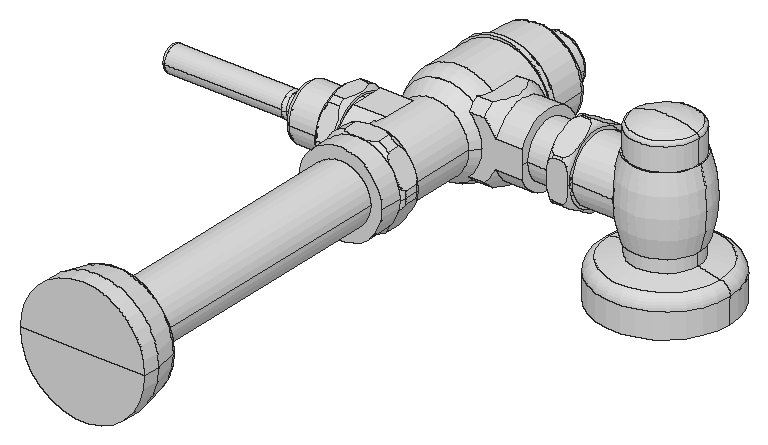
Revit family "Plumbing-Flushometer-Sloan-Valve-NAVAL-111_", category Plumbing Fixtures, host Face, Revit 2019
Family settings
  Host = Face
  Round Connector Dimension = Use Diameter
  Part Type = Normal
  OmniClass Number = 23.45.05.14.99
  OmniClass Title = Other Sanitary Washing Plumbing Fixtures
  Cut with Voids When Loaded = No
  Shared = No
  Room Calculation Point = No
Parameters (values of type "NAVAL 111-1.6")
  Water Inlet Connection Diameter = 1"  # constant formula
  Water Inlet Connection Description = "Water Inlet Connection"  # constant formula
  Waste Connection = no
  WFU = 0
  Vent Connection = no
  Valve Pressure Drop = 0.00 psi
  URL = "www.sloanvalve.com"
  Product data url = "https://bimobject.com/sloan_valve/product/flushometers_naval-111"
  Product Material = Sloan Valve - Finish - Polished Chrome
  Product Guid = ""
  Part Number = "3140011"
  Operating Water Pressure = "15 – 80 PSI (103 – 552 kPa)"  # constant formula
  Model = "NAVAL 111-1.6"
  Manufacturer = "Sloan Valve"  # constant formula
  Keynote = "15410"
  Height = 14 3/8"  # constant formula
  HWFU = 0
  HW Connection = no
  Flush Rate = "1.6 gpf (6.0 Lpf)"
  Edition number = 1
  Description = "1.6 gpf, Polished Chrome Finish, Fixture Connection Top Spud, Single Flush, Naval Exposed Manual Water Closet Flushometer."
  Default Elevation = 0"
  Centerline of Supply to Centerline of Valve = 4 3/4"  # constant formula
  Centerline of Supply from Top of Fixture = 11 1/2"  # constant formula
  CWFU = 0
  CW Connection = yes
  Assembly Code = "D2020300"
Types (6): name | Part Number | Model | Description
  NAVAL 111-1.6 | "3140011" | "NAVAL 111-1.6" | "1.6 gpf, Polished Chrome Finish, Fixture Connection Top Spud, Single Flush, Naval Exposed Manual Water Closet Flushometer."
  NAVAL 111-1.6-GJ-XYV | "3140030" | "NAVAL 111-1.6-GJ-XYV" | "1.6 gpf, Polished Chrome Finish, Fixture Connection Top Spud, Single Flush, Ground Joint Control Stop, Less Vacuum Breaker, Naval Exposed Manual Water Closet Flushometer."
  NAVAL 111-1.6 - Shower piston assembly | "3148000" | "NAVAL 111-1.6" | "1.6 gpf, Polished Chrome Finish, Fixture Connection Top Spud, Single Flush, Naval Exposed Manual Water Closet Flushometer."
  NAVAL 111-1.6-XYV | "3140035" | "NAVAL 111-1.6-XYV" | "1.6 gpf, Polished Chrome Finish, Fixture Connection Top Spud, Single Flush, Less Vacuum Breaker, Naval Exposed Manual Water Closet Flushometer."
  NAVAL 111-1.6-L/STOP-XYV | "3140036" | "NAVAL 111-1.6-L/STOP-XYV" | "1.6 gpf, Polished Chrome Finish, Fixture Connection Top Spud, Single Flush, Less Control Stop, Less Vacuum Breaker, Naval Exposed Manual Water Closet Flushometer."
  NAVAL 111-1.6-U-XYV | "3140037" | "NAVAL 111-1.6-U-XYV" | "1.6 gpf, Polished Chrome Finish, 1.25\" Flush Connection, Fixture Connection Top Spud, Single Flush, Less Vacuum Breaker, Naval Exposed Manual Water Closet Flushometer."
Reference planes (in)
  plane 1 "Center (Front/Back)": y = -1.25
  plane 2: z = 0
  plane 3 "Center (Left/Right)": x = 0
  plane 4: y = -12.75
  plane 5: x = 4.75
  plane 6: y = 1.66181
  plane 7: z = 2.25
Dimensions and locks (in)
  plane 4 to plane 1 "Center (Front/Back)" = 11 1/2"
  plane 6 to plane 4 = 14.41181"
  aligned and locked: plane 2 to host face
  aligned and locked: level to host face
Nested families (in)
  nested 1: "Geometry" at (0, -12.75, 0) x (1, 0, 0) z (0, 1, 0), type "Geometry"
Connectors (in)
  piping at (4.75, -1.25, 0), diameter 1, driven by "Water Inlet Connection Diameter", driven by "CWFU", driven by "Valve Pressure Drop", driven by "Water Inlet Connection Description"
    settings: on nested 1, index 3, connector inside diameter 24", connector length 0", flow factor 0, pipe flow 0 GPM, pressure drop 0.00 psi, fitting loss kfactor 0, connector angle 0.00°, fixture units 0, engagement length 0", angle of deflection 0.00°, flow configuration 3, flow direction 1, fitting loss method 4, system type 20, joint type 0, gender type 0, connector reference index -1, connector utility 0, adjustable connector no, is connector primary yes, connector description "Water Inlet Connection"
Definition of nested family "Geometry"
  Parameters (values of type "Geometry")
    URL = ""
    Product Material = none
    Model = ""
    Manufacturer = ""
    Keynote = ""
    Description = ""
    Default Elevation = 0"
    Assembly Code = ""
  Reference planes (in)
    plane 1 "Center (Front/Back)": y = 0
    plane 2: z = 0
    plane 3 "Center (Left/Right)": x = 0
    plane 4: x = 4.75
    plane 5: y = -2.25
    plane 6: z = 11.5
    plane 7: z = 14.41181
    plane 8: z = 1.10236
    plane 9: x = 1.49606
    plane 10: z = 1.05236
    plane 11: x = 1.36024
    plane 12: z = 14.28701
    plane 13: z = 13.75551
    plane 14: z = 10.70315
    plane 15: x = -0.96457
    plane 16: z = 10.45906
    plane 17: x = -0.84646
    plane 18: z = 8.77953
    plane 19: z = 10.22047
    plane 20: y = -1.44685
    plane 21: z = 8.98031
    plane 22: z = 9.82008
    plane 23: z = 14.41181
  Forms (in)
    Extrusion 1, solid
      sketch origin (0, 0, 0) x (1, 0, 0) y (0, 1, 0)
        loop
          line (-48, 48) -> (-48, -48) -> (48, -48) -> (48, 48) -> (-48, 48)
      from 0 to -12
    Extrusion 2, solid, material <- "Product Material", not visible
      sketch origin (0, 0, 0) x (1, 0, 0) y (0, 0, 1)
        loop
          circle (4.75, 11.5) r 1
      from 0.07956 to 0
    Revolve 3, solid, material <- "Product Material"
      sketch origin (0, 3, 11.5) x (1, 0, 0) y (0, 1, 0)
        loop
          arc (5.59646, -6.1752) -> (5.75502, -5.25) -> (5.59646, -4.3248) r 2.77845
          line (5.59646, -4.3248) -> (5.5374, -4.3248) -> (5.5374, -3.99194)
          arc (5.5374, -3.99194) -> (5.8144, -3.95568) -> (6.08617, -3.89103) r 2.70259
          arc (6.08617, -3.89103) -> (6.24431, -3.78128) -> (6.30512, -3.59864) r 0.3047
          line (6.30512, -3.59864) -> (6.30512, -3) -> (4.75, -3) -> (4.75, -6.97813)
          arc (4.75, -6.97813) -> (5.13409, -6.94086) -> (5.49815, -6.81288) r 1.60287
          arc (5.49815, -6.81288) -> (5.54115, -6.77387) -> (5.55709, -6.71804) r 0.10577
          line (5.55709, -6.71804) -> (5.55709, -6.1752) -> (5.59646, -6.1752)
        axis (4.75, -3) -> (4.75, -6.97813)
      angle from 0 to 360
    Revolve 4, solid, material <- "Product Material"
      sketch origin (0, -2.25, -15) x (1, 0, 0) y (0, 0, 1)
        loop
          line (1.49606, 15) -> (1.49606, 15.41339) -> (1.3704, 16.00454)
          arc (1.3704, 16.00454) -> (1.34962, 16.04163) -> (1.31148, 16.06042) r 0.07165
          arc (1.31148, 16.06042) -> (1.04671, 16.09164) -> (0.78031, 16.10206) r 3.40813
          line (0.78031, 16.10206) -> (0, 16.10206) -> (0, 15) -> (1.49606, 15)
        axis (0, 15) -> (0, 16.10206)
      angle from 0 to 360
    Revolve 5, solid, material <- "Product Material"
      sketch origin (0, -2.25, -15) x (1, 0, 0) y (0, 0, 1)
        loop
          line (0, 29.41181) -> (-0.24409, 29.41181)
          arc (-0.24409, 29.41181) -> (-0.26637, 29.40259) -> (-0.27559, 29.38031) r 0.0315
          line (-0.27559, 29.38031) -> (-0.27559, 29.28701) -> (-0.58268, 29.28701)
          arc (-0.58268, 29.28701) -> (-0.61052, 29.27548) -> (-0.62205, 29.24764) r 0.03937
          line (-0.62205, 29.24764) -> (-0.62205, 28.75551) -> (-1.03842, 28.64412)
          arc (-1.03842, 28.64412) -> (-1.0711, 28.62291) -> (-1.08504, 28.58653) r 0.06299
          line (-1.08504, 28.58653) -> (-1.12992, 27.7189) -> (-1.24803, 27.60079) -> (-1.24803, 27.48268) -> (-1.20079, 27.48268) -> (-1.20079, 26.2937)
          arc (-1.20079, 26.2937) -> (-1.16802, 26.05909) -> (-1.07223, 25.84244) r 0.8563
          line (-1.07223, 25.84244) -> (-0.84646, 25.47833) -> (-0.84646, 23.77953) -> (0, 23.77953) -> (0, 29.41181)
        axis (0, 29.41181) -> (0, 23.77953)
      angle from 0 to 360
    Revolve 6, solid, material <- "Product Material"
      sketch origin (0, -2.25, -13.75) x (1, 0, 0) y (0, 0, 1)
        loop
          line (1.97042, 26.11614) -> (1.3405, 26.11614) -> (1.05937, 26.31299) -> (0, 26.31299) -> (0, 25.25) -> (4.10919, 25.25) -> (4.10919, 26.01772) -> (3.12494, 26.01772) -> (3.12494, 26.07677)
          arc (3.12494, 26.07677) -> (3.07881, 26.18813) -> (2.96746, 26.23425) r 0.15748
          line (2.96746, 26.23425) -> (2.75117, 26.23425)
          arc (2.75117, 26.23425) -> (2.63981, 26.18813) -> (2.59369, 26.07677) r 0.15748
          line (2.59369, 26.07677) -> (2.59369, 25.90748) -> (1.97042, 25.90748) -> (1.97042, 26.11614)
        axis (0, 25.25) -> (4.10919, 25.25)
      angle from 0 to 360
    Extrusion 7, void
      sketch origin (0, 0, 0) x (0, 1, 0) y (0, 0, 1)
        loop
          line (-2.75007, 12.36614) -> (-3.25013, 11.5) -> (-2.75007, 10.63386) -> (-1.74993, 10.63386) -> (-1.24987, 11.5) -> (-1.74993, 12.36614) -> (-2.75007, 12.36614)
        loop
          circle (-2.25, 11.5) r 1.14765
      from 2.39057 to 3.41203
    Revolve 8, solid, material <- "Product Material"
      sketch origin (60, -2.25, 65) x (1, 0, 0) y (0, 0, 1)
        loop
          line (-60, -56.22047) -> (-60.94488, -56.22047)
          arc (-60.94488, -56.22047) -> (-61.0284, -56.25507) -> (-61.06299, -56.33858) r 0.11811
          line (-61.06299, -56.33858) -> (-61.06299, -56.65354)
          arc (-61.06299, -56.65354) -> (-61.0284, -56.73706) -> (-60.94488, -56.77165) r 0.11811
          line (-60.94488, -56.77165) -> (-60, -56.77165) -> (-60, -56.22047)
        axis (-60, -56.22047) -> (-60, -56.77165)
      angle from 0 to 360
    Extrusion 9, void
      sketch origin (0, 0, 0) x (1, 0, 0) y (0, 1, 0)
        loop
          line (0.56826, -3.23425) -> (1.13652, -2.25) -> (0.56826, -1.26575) -> (-0.56826, -1.26575) -> (-1.13652, -2.25) -> (-0.56826, -3.23425) -> (0.56826, -3.23425)
        loop
          circle (0, -2.25) r 1.27435
      from 8.11951 to 8.90225
    Extrusion 10, solid, material <- "Product Material"
      sketch origin (0, 0, 0) x (1, 0, 0) y (0, 1, 0)
        loop
          circle (0, -2.25) r 1
      from 7.71654 to 8.22835
    Extrusion 11, solid, material <- "Product Material"
      sketch origin (0, 0, 0) x (1, 0, 0) y (0, 1, 0)
        loop
          circle (0, -2.25) r 0.7189
      from 1.28583 to 7.71654
    Extrusion 12, solid, material <- "Product Material"
      sketch origin (0, 0, 0) x (1, 0, 0) y (0, 1, 0)
        loop
          circle (0, -2.25) r 1.06299
      from 1.07402 to 1.28583
    Extrusion 13, void
      sketch origin (0, 0, 0) x (1, 0, 0) y (0, 1, 0)
        loop
          line (0.56826, -3.23425) -> (1.13652, -2.25) -> (0.56826, -1.26575) -> (-0.56826, -1.26575) -> (-1.13652, -2.25) -> (-0.56826, -3.23425) -> (0.56826, -3.23425)
        loop
          circle (0, -2.25) r 1.24078
      from 0.8307 to 1.52631
    Extrusion 14, void
      sketch origin (0, 0, 0) x (1, 0, 0) y (0, 0, 1)
        loop
          line (0, 12.79525) -> (0, 12.29921) -> (2.12897, 12.29921) -> (2.12897, 12.79525) -> (0, 12.79525)
        loop
          line (0, 10.70079) -> (0, 10.30709) -> (2.12897, 10.30709) -> (2.12897, 10.70079) -> (0, 10.70079)
      from 1.10827 to 3.39173
    Extrusion 15, void
      sketch origin (0, 0, 0) x (1, 0, 0) y (0, 1, 0)
        loop
          line (1.3405, -1.33268) -> (1.3405, -0.79331) -> (-0.1456, -0.79331) -> (-0.1456, -1.33268) -> (1.3405, -1.33268)
        loop
          line (1.3405, -3.16732) -> (-0.1456, -3.16732) -> (-0.1456, -3.70669) -> (1.3405, -3.70669) -> (1.3405, -3.16732)
      from 10.47833 to 12.48268
    Extrusion 16, solid, material <- "Product Material"
      sketch origin (0, 0, 0) x (0, 1, 0) y (0, 0, 1)
        loop
          line (-2.25, 10.64173) -> (-2.66339, 10.64173) -> (-3.05315, 10.22047) -> (-3.05315, 9.41732)
          arc (-3.05315, 9.41732) -> (-2.9166, 9.17162) -> (-2.71063, 8.98031) r 0.89593
          line (-2.71063, 8.98031) -> (-2.25, 8.98031) -> (-1.78937, 8.98031)
          arc (-1.78937, 8.98031) -> (-1.5834, 9.17162) -> (-1.44685, 9.41732) r 0.89593
          line (-1.44685, 9.41732) -> (-1.44685, 10.22047) -> (-1.83661, 10.64173) -> (-2.25, 10.64173)
      from -1.04331 to 0
    Revolve 17, solid, material <- "Product Material"
      sketch origin (0.11483, -2.25, 8.46634) x (1, 0, 0) y (0, 0, 1)
        loop
          line (-1.3974, 2.26773) -> (-1.6546, 2.26773) -> (-1.761, 2.16133) -> (-1.761, 1.35373) -> (-1.292, 1.35373) -> (-1.292, 2.16233) -> (-1.3974, 2.26773)
        axis (-1.292, 1.35373) -> (-1.761, 1.35373)
      angle from 0 to 360
    Extrusion 18, void
      sketch origin (0.11483, -2.27012, 8.49801) x (0, 1, 0) y (0, 0, 1)
        loop
          line (0.02012, 2.27816) -> (-0.80788, 1.80011) -> (-0.80788, 0.84402) -> (0.02012, 0.36598) -> (0.84812, 0.84402) -> (0.84812, 1.80011) -> (0.02012, 2.27816)
        loop
          circle (0.02012, 1.32207) r 1.12549
      from -1.761 to -1.292
    Revolve 19, solid, material <- "Product Material"
      sketch origin (0.11483, -2.25, 8.46634) x (1, 0, 0) y (0, 0, 1)
        loop
          line (-5.869, 1.35373) -> (-1.761, 1.35373) -> (-1.761, 2.01373) -> (-2.492, 2.01373) -> (-2.575, 1.97503) -> (-2.575, 1.73464)
          arc (-2.575, 1.73464) -> (-2.63337, 1.70784) -> (-2.687, 1.67248) r 0.42173
          line (-2.687, 1.67248) -> (-2.74407, 1.61873) -> (-2.89489, 1.61873)
          arc (-2.89489, 1.61873) -> (-2.93029, 1.64459) -> (-2.97315, 1.65373) r 0.105
          line (-2.97315, 1.65373) -> (-5.75983, 1.65373)
          arc (-5.75983, 1.65373) -> (-5.81742, 1.63289) -> (-5.84835, 1.58003) r 0.09
          arc (-5.84835, 1.58003) -> (-5.86383, 1.46735) -> (-5.869, 1.35373) r 1.25
        axis (-5.869, 1.35373) -> (-1.761, 1.35373)
      angle from 0 to 360
    Extrusion 20, solid, material <- "Product Material"
      sketch origin (0, 0, 0) x (0, 1, 0) y (0, 0, 1)
        loop
          circle (-2.25, 9.82008) r 0.77559
      from -1.17717 to -1.04331
  Cuts and joins
    Extrusion 9 cuts Revolve 8
    Extrusion 13 cuts Extrusion 12
    Extrusion 7, Extrusion 14, Extrusion 15 cuts Revolve 6
    joined: Revolve 5, Revolve 6, Extrusion 16
    Extrusion 18 cuts Revolve 17
  Lines and regions (in)
    Masking region 1
      outline origin (0, 0, 0) x (1, 0, 0) y (0, 1, 0)
        loop
          line (2.59369, -1.59249) -> (1.97042, -1.59249) -> (1.97042, -1.38539) -> (1.3405, -1.38539) -> (1.26741, -1.33268) -> (1.18183, -1.33268)
          arc (1.18183, -1.33268) -> (-0.055, -0.75495) -> (-1.24604, -1.422) r 1.49606
          line (-1.24604, -1.422) -> (-1.6248, -1.422) -> (-1.65272, -1.44992) -> (-1.65272, -1.5895) -> (-2.37717, -1.5895) -> (-2.46017, -1.6287) -> (-2.46017, -1.86909)
          arc (-2.46017, -1.86909) -> (-2.55046, -1.91864) -> (-2.62924, -1.985) r 0.52055
          line (-2.62924, -1.985) -> (-2.78005, -1.985)
          arc (-2.78005, -1.985) -> (-2.81477, -1.95973) -> (-2.85644, -1.94938) r 0.11196
          line (-2.85644, -1.94938) -> (-5.6333, -1.94938)
          arc (-5.6333, -1.94938) -> (-5.70272, -1.97603) -> (-5.73647, -2.04228) r 0.10374
          arc (-5.73647, -2.04228) -> (-5.75474, -2.25) -> (-5.73647, -2.45772) r 1.19014
          arc (-5.73647, -2.45772) -> (-5.70272, -2.52397) -> (-5.6333, -2.55062) r 0.10374
          line (-5.6333, -2.55062) -> (-2.85644, -2.55062)
          arc (-2.85644, -2.55062) -> (-2.81477, -2.54027) -> (-2.78005, -2.515) r 0.11196
          line (-2.78005, -2.515) -> (-2.62924, -2.515)
          arc (-2.62924, -2.515) -> (-2.55001, -2.58069) -> (-2.46017, -2.63091) r 0.56468
          line (-2.46017, -2.63091) -> (-2.46017, -2.8713) -> (-2.37717, -2.91) -> (-1.65272, -2.91) -> (-1.65272, -3.05008) -> (-1.6248, -3.078) -> (-1.24604, -3.078)
          arc (-1.24604, -3.078) -> (-0.055, -3.74505) -> (1.18183, -3.16732) r 1.49606
          line (1.18183, -3.16732) -> (1.26741, -3.16732) -> (1.3405, -3.11603) -> (1.97042, -3.11603) -> (1.97042, -2.90749) -> (2.59369, -2.90749) -> (2.59369, -3.1756) -> (2.62298, -3.23425) -> (3.09564, -3.23425) -> (3.12494, -3.1756) -> (3.12494, -3.01772) -> (3.85315, -3.01772) -> (3.90354, -3.1752) -> (3.94291, -3.1752) -> (3.94291, -3.71843)
          arc (3.94291, -3.71843) -> (3.95978, -3.77536) -> (4.00492, -3.81392) r 0.10452
          arc (4.00492, -3.81392) -> (4.75, -3.97229) -> (5.49508, -3.81392) r 1.83184
          arc (5.49508, -3.81392) -> (5.54022, -3.77536) -> (5.55709, -3.71843) r 0.10452
          line (5.55709, -3.71843) -> (5.55709, -3.1752) -> (5.59646, -3.1752)
          arc (5.59646, -3.1752) -> (5.75613, -2.25) -> (5.59646, -1.3248) r 2.76023
          line (5.59646, -1.3248) -> (5.5374, -1.3248) -> (5.5374, -0.99194)
          arc (5.5374, -0.99194) -> (5.8206, -0.95767) -> (6.09703, -0.88721) r 2.21037
          arc (6.09703, -0.88721) -> (6.24761, -0.77781) -> (6.30512, -0.6008) r 0.30114
          line (6.30512, -0.6008) -> (6.30512, 0) -> (3.19488, 0) -> (3.19488, -0.6008)
          arc (3.19488, -0.6008) -> (3.25239, -0.77781) -> (3.40297, -0.88721) r 0.30114
          arc (3.40297, -0.88721) -> (3.6794, -0.95767) -> (3.9626, -0.99194) r 2.21037
          line (3.9626, -0.99194) -> (3.9626, -1.3248) -> (3.90354, -1.3248) -> (3.85315, -1.48228) -> (3.12494, -1.48228) -> (3.12494, -1.3244) -> (3.09564, -1.26575) -> (2.62298, -1.26575) -> (2.59369, -1.3244) -> (2.59369, -1.59249)
    symbolic lines, detail levels medium+fine
      curve 1: line (2.59369, -1.48228, 0) -> (2.59369, -3.01772, 0)
      curve 2: line (3.12494, -3.01772, 0) -> (3.12494, -1.48228, 0)
      curve 4: line (3.90354, -1.3248, 0) -> (5.59646, -1.3248, 0)
      curve 5: line (3.9626, -0.99194, 0) -> (5.5374, -0.99194, 0)
      curve 6: line (3.94291, -3.1752, 0) -> (5.55709, -3.1752, 0)
      curve 7: line (1.97042, -1.48228, 0) -> (1.97042, -3.01772, 0)
      curve 9: line (-2.46017, -2.63091, 0) -> (-2.46017, -1.86909, 0)
      curve 10: arc (-1.24803, -2.25, 0) -> (0, -1.00197, 0) -> (1.24803, -2.25, 0) r 1.24803
      curve 11: arc (1.24803, -2.25, 0) -> (0, -3.49803, 0) -> (-1.24803, -2.25, 0) r 1.24803
      curve 17: line (-1.24604, -1.422, 0) -> (-1.19753, -1.422, 0)
      curve 18: line (-1.19753, -1.422, 0) -> (-1.17304, -1.44649, 0)
      curve 19: line (-1.17304, -1.44649, 0) -> (-1.17304, -1.48056, 0)
      curve 20: line (-1.17304, -1.48056, 0) -> (-1.04331, -1.48056, 0)
      curve 21: line (-1.04331, -1.48056, 0) -> (-1.04331, -1.44685, 0)
      curve 22: line (-1.04331, -1.44685, 0) -> (-0.95527, -1.44685, 0)
      curve 23: line (-1.24604, -3.078, 0) -> (-1.19753, -3.078, 0)
      curve 24: line (-1.19753, -3.078, 0) -> (-1.17304, -3.05351, 0)
      curve 25: line (-1.17304, -3.05351, 0) -> (-1.17304, -3.01944, 0)
      curve 26: line (-1.17304, -3.01944, 0) -> (-1.04331, -3.01944, 0)
      curve 27: line (-1.04331, -3.01944, 0) -> (-1.04331, -3.05315, 0)
      curve 28: line (-1.04331, -3.05315, 0) -> (-0.95527, -3.05315, 0)
      curve 29: line (1.18183, -1.33268, 0) -> (0.84623, -1.33268, 0)
      curve 30: line (1.18183, -3.16732, 0) -> (0.84623, -3.16732, 0)
    symbolic lines, detail levels fine
      curve 3: arc (3.85315, -1.48228, 0) -> (4.1014, -2.25, 0) -> (3.85315, -3.01772, 0) r 1.3112
      curve 8: line (-2.37717, -1.5895, 0) -> (-2.37717, -2.91, 0)
      curve 12: arc (-0.62205, -2.25, 0) -> (0, -1.62795, 0) -> (0.62205, -2.25, 0) r 0.62205
      curve 13: arc (0.62205, -2.25, 0) -> (0, -2.87205, 0) -> (-0.62205, -2.25, 0) r 0.62205
      curve 14: arc (-0.27559, -2.25, 0) -> (0, -1.97441, 0) -> (0.27559, -2.25, 0) r 0.27559
      curve 15: arc (0.27559, -2.25, 0) -> (0, -2.52559, 0) -> (-0.27559, -2.25, 0) r 0.27559
      curve 16: line (-1.65272, -1.5895, 0) -> (-1.65272, -2.91, 0)
      curve 31: line (-1.17304, -3.01944, 0) -> (-1.17304, -2.67609, 0)
      curve 32: line (-1.17304, -1.48056, 0) -> (-1.17304, -1.82391, 0)
  Dimensions and locks (in)
    Extrusion 2 sketch curve to plane 2 = 11 1/2"
    Extrusion 2 sketch curve to plane 3 "Center (Left/Right)" = 4 3/4"
    plane 3 "Center (Left/Right)" to plane 4 = 4 3/4"
    plane 6 to plane 2 = 11 1/2"
    plane 8 to Extrusion 1 = 1.10236"
    plane 9 to plane 3 "Center (Left/Right)" = 1.49606"
    plane 8 to plane 10 = 0.05"
    plane 9 to plane 11 = 0.13583"
    Revolve 8 sketch curve to Revolve 8 sketch curve = 0.55118"
    Revolve 8 sketch curve to plane 3 "Center (Left/Right)" = 1.06299"
    plane 6 to Extrusion 14 sketch curve = 0.79921"
    Extrusion 14 sketch curve to plane 6 = 0.79921"
    Revolve 5 sketch curve to plane 16 = 0.83465"
    plane 17 to cut or joined group of Revolve 5, Revolve 6, Extrusion 7, Extrusion 14, Extrusion 15, Extrusion 16 = 0.84646"
    plane 6 to plane 18 = 2.72047"
    Extrusion 15 sketch curve to plane 5 = 0.91732"
    plane 6 to plane 19 = 1.27953"
    plane 20 to plane 5 = 0.80315"
    plane 6 to plane 21 = 2.51969"
    plane 6 to plane 22 = 1.67992"
    aligned and locked: plane 2 to Extrusion 1
    aligned and locked: level to Extrusion 1
    aligned and locked: Extrusion 2 to plane 1 "Center (Front/Back)"
  Automatic sketch dimensions
    Extrusion 1 sketch curve to Extrusion 1 sketch curve = 96"  (x2)
    Revolve 4 sketch curve to level = 0"
    Revolve 4 sketch curve to plane 3 "Center (Left/Right)" = 0"  (x2)
    Revolve 4 sketch curve to plane 9 = 0"
    Revolve 4 sketch curve to plane 11 = 0.57992"
    Revolve 4 sketch curve to plane 11 = 0.05992"
    plane 11 to Revolve 4 sketch curve = 0.01017"
    Revolve 4 sketch curve to level = 2.30606"
    level to Revolve 4 sketch curve = 0.41339"
    Revolve 4 sketch curve to plane 10 = 0.06272"
    Revolve 4 sketch curve to plane 10 = 0.04782"
    Revolve 4 sketch curve to plane 8 = 0.0003"
    Revolve 4 sketch curve to Revolve 4 sketch curve = 0"
    plane 8 to Revolve 4 sketch curve = 0.33406"
    Extrusion 7 sketch curve to plane 6 = 0"  (x3)
    Extrusion 7 sketch curve to plane 5 = 0"
    plane 5 to Extrusion 7 sketch curve = 0.50007"  (x2)
    Extrusion 7 sketch curve to Extrusion 7 sketch curve = 1.00013"
    Extrusion 7 sketch curve to plane 5 = 0.50007"  (x2)
    Extrusion 7 sketch curve to plane 5 = 1.00013"
    Extrusion 7 sketch curve to plane 6 = 0.86614"
    plane 6 to Extrusion 7 sketch curve = 0.86614"
    Revolve 8 sketch curve to plane 3 "Center (Left/Right)" = 0"  (x2)
    Revolve 8 sketch curve to Revolve 8 sketch curve = 0.11811"  (x2)
    Revolve 8 sketch curve to plane 6 = 3.27165"
    Revolve 8 sketch curve to Revolve 8 sketch curve = 1.35318"
    Revolve 8 sketch curve to Revolve 8 sketch curve = 1.68504"
    plane 5 to Extrusion 9 sketch curve = 0"  (x3)
    Extrusion 9 sketch curve to plane 3 "Center (Left/Right)" = 0"
    Extrusion 9 sketch curve to plane 3 "Center (Left/Right)" = 0.56826"  (x2)
    Extrusion 9 sketch curve to plane 3 "Center (Left/Right)" = 1.13652"
    plane 3 "Center (Left/Right)" to Extrusion 9 sketch curve = 0.56826"  (x2)
    Extrusion 9 sketch curve to Extrusion 9 sketch curve = 1.13652"
    plane 5 to Extrusion 9 sketch curve = 0.98425"
    Extrusion 9 sketch curve to plane 5 = 0.98425"
    Extrusion 10 sketch curve to plane 3 "Center (Left/Right)" = 0"
    plane 5 to Extrusion 10 sketch curve = 0"
    Extrusion 11 sketch curve to plane 3 "Center (Left/Right)" = 0"
    plane 5 to Extrusion 11 sketch curve = 0"
    Extrusion 12 sketch curve to plane 3 "Center (Left/Right)" = 0"
    plane 5 to Extrusion 12 sketch curve = 0"
    plane 5 to Extrusion 13 sketch curve = 0"  (x3)
    Extrusion 13 sketch curve to plane 3 "Center (Left/Right)" = 0"
    Extrusion 13 sketch curve to plane 3 "Center (Left/Right)" = 0.56826"  (x2)
    Extrusion 13 sketch curve to plane 3 "Center (Left/Right)" = 1.13652"
    plane 3 "Center (Left/Right)" to Extrusion 13 sketch curve = 0.56826"  (x2)
    Extrusion 13 sketch curve to Extrusion 13 sketch curve = 0.56826"
    plane 5 to Extrusion 13 sketch curve = 0.98425"
    Extrusion 13 sketch curve to plane 5 = 0.98425"
    plane 17 to Revolve 5 sketch curve = 0"
    Revolve 5 sketch curve to plane 13 = 0"
    Revolve 5 sketch curve to plane 12 = 0"
    Revolve 5 sketch curve to plane 7 = 0"
    Revolve 5 sketch curve to plane 3 "Center (Left/Right)" = 0"  (x2)
    Revolve 5 sketch curve to plane 18 = 0"
    Revolve 5 sketch curve to plane 15 = 0.05757"
    Revolve 5 sketch curve to Revolve 5 sketch curve = 0.01628"
    Revolve 5 sketch curve to plane 15 = 0.10767"
    Revolve 5 sketch curve to Revolve 5 sketch curve = 0.06291"
    Revolve 5 sketch curve to plane 15 = 0.16535"
    Revolve 5 sketch curve to plane 15 = 0.23622"
    Revolve 5 sketch curve to Revolve 5 sketch curve = 0.04724"
    plane 17 to Revolve 5 sketch curve = 0.22441"
    Revolve 5 sketch curve to Revolve 5 sketch curve = 0.03937"
    Revolve 5 sketch curve to plane 3 "Center (Left/Right)" = 0.34449"
    Revolve 5 sketch curve to plane 7 = 0.0315"
    Revolve 5 sketch curve to plane 3 "Center (Left/Right)" = 0.27559"
    plane 6 to Revolve 5 sketch curve = 0.98268"
    Revolve 5 sketch curve to Revolve 5 sketch curve = 0.11811"  (x2)
    Revolve 5 sketch curve to plane 13 = 0.17224"
    Revolve 5 sketch curve to Revolve 5 sketch curve = 0.00325"
    Revolve 5 sketch curve to level = 24"
    Revolve 5 sketch curve to Revolve 5 sketch curve = 87.05701"
    Extrusion 14 sketch curve to plane 3 "Center (Left/Right)" = 0"  (x2)
    plane 3 "Center (Left/Right)" to Extrusion 14 sketch curve = 2.12897"
    Extrusion 14 sketch curve to Extrusion 14 sketch curve = 0"
    Extrusion 14 sketch curve to Extrusion 14 sketch curve = 0.3937"
    Extrusion 14 sketch curve to Extrusion 14 sketch curve = 0.49604"
    Extrusion 15 sketch curve to plane 3 "Center (Left/Right)" = 0.1456"  (x2)
    plane 3 "Center (Left/Right)" to Extrusion 15 sketch curve = 1.3405"  (x2)
    plane 5 to Extrusion 15 sketch curve = 0.91732"
    Extrusion 15 sketch curve to Extrusion 15 sketch curve = 0.53937"  (x2)
    Revolve 6 sketch curve to plane 3 "Center (Left/Right)" = 0"
    Revolve 6 sketch curve to plane 6 = 0"  (x2)
    plane 3 "Center (Left/Right)" to Revolve 6 sketch curve = 1.3405"
    Revolve 6 sketch curve to Revolve 6 sketch curve = 0.62992"
    Revolve 6 sketch curve to Revolve 6 sketch curve = 0.62326"
    Revolve 6 sketch curve to Revolve 6 sketch curve = 0.15748"  (x2)
    Revolve 6 sketch curve to Revolve 6 sketch curve = 0.21629"
    plane 4 to Revolve 6 sketch curve = 0.64081"
    plane 6 to Revolve 6 sketch curve = 0.65748"
    Revolve 6 sketch curve to Revolve 6 sketch curve = 0.76772"
    Revolve 6 sketch curve to Revolve 6 sketch curve = 0.16929"
    Revolve 6 sketch curve to Revolve 6 sketch curve = 0.20866"
    Revolve 6 sketch curve to Revolve 6 sketch curve = 1.06299"
    plane 3 "Center (Left/Right)" to Revolve 6 sketch curve = 3/4"
    Revolve 6 sketch curve to Revolve 6 sketch curve = 0.28113"
    Revolve 6 sketch curve to Revolve 6 sketch curve = 1/2"
    Extrusion 16 sketch curve to plane 19 = 0"  (x2)
    Extrusion 16 sketch curve to plane 21 = 0"
    Extrusion 16 sketch curve to plane 5 = 0"  (x2)
    Extrusion 16 sketch curve to plane 20 = 0"
    plane 5 to Extrusion 16 sketch curve = 0.03855"
    plane 5 to Extrusion 16 sketch curve = 0.41339"
    plane 5 to Extrusion 16 sketch curve = 0.46063"
    Extrusion 16 sketch curve to Extrusion 16 sketch curve = 0.38976"
    Extrusion 16 sketch curve to plane 5 = 0.03855"
    plane 20 to Extrusion 16 sketch curve = 0.38976"
    Extrusion 16 sketch curve to Extrusion 16 sketch curve = 0.46063"
    Extrusion 16 sketch curve to Extrusion 16 sketch curve = 0.43701"  (x2)
    plane 19 to Extrusion 16 sketch curve = 0.42126"
    Revolve 17 sketch curve to plane 6 = 0.87232"
    Revolve 17 sketch curve to plane 3 "Center (Left/Right)" = 1.64617"
    Revolve 17 sketch curve to plane 6 = 0.76592"
    Revolve 17 sketch curve to Revolve 17 sketch curve = 0.1064"
    Revolve 17 sketch curve to Revolve 17 sketch curve = 0.25719"
    Revolve 17 sketch curve to Revolve 17 sketch curve = 0.1054"  (x2)
    Revolve 17 sketch curve to Revolve 17 sketch curve = 0.914"
    Revolve 17 sketch curve to Revolve 17 sketch curve = 0.12554"
    Revolve 17 sketch curve to Revolve 17 sketch curve = 0.05641"
    Revolve 17 sketch curve to Revolve 17 sketch curve = 0"
    Extrusion 18 sketch curve to plane 6 = 1.20188"
    plane 5 to Extrusion 18 sketch curve = 0.828"
    Extrusion 18 sketch curve to plane 6 = 0.72383"
    Extrusion 18 sketch curve to Extrusion 18 sketch curve = 0.828"  (x2)
    Extrusion 18 sketch curve to Extrusion 18 sketch curve = 0"  (x2)
    Extrusion 18 sketch curve to Extrusion 18 sketch curve = 0.95609"
    Extrusion 18 sketch curve to Extrusion 18 sketch curve = 0.47805"  (x4)
    Revolve 19 sketch curve to plane 6 = 1.67992"
    Revolve 19 sketch curve to plane 3 "Center (Left/Right)" = 5.75417"
    Revolve 19 sketch curve to Revolve 19 sketch curve = 0.10917"
    Revolve 19 sketch curve to Revolve 19 sketch curve = 1.14083"
    Revolve 19 sketch curve to Revolve 19 sketch curve = 1.64585"
    Revolve 19 sketch curve to Revolve 19 sketch curve = 0.07826"
    Revolve 19 sketch curve to Revolve 19 sketch curve = 0.15082"
    Revolve 19 sketch curve to plane 6 = 1.36117"
    Revolve 19 sketch curve to Revolve 19 sketch curve = 0.05707"
    Revolve 19 sketch curve to plane 6 = 1.05862"
    Revolve 19 sketch curve to Revolve 19 sketch curve = 0.112"
    Revolve 19 sketch curve to plane 6 = 1.01992"
    Revolve 19 sketch curve to Revolve 19 sketch curve = 0.083"
    Revolve 19 sketch curve to Revolve 19 sketch curve = 0.31535"
    Revolve 19 sketch curve to Revolve 19 sketch curve = 0.66772"
    Revolve 19 sketch curve to Revolve 19 sketch curve = 0.33339"
    Revolve 19 sketch curve to Revolve 19 sketch curve = 0.12375"
    Revolve 19 sketch curve to Revolve 19 sketch curve = 0.21"  (x2)
    Revolve 19 sketch curve to Revolve 19 sketch curve = 0.05375"
    Revolve 19 sketch curve to Revolve 19 sketch curve = 0.55053"
    Revolve 19 sketch curve to Revolve 19 sketch curve = 0.09518"
    Extrusion 20 sketch curve to plane 5 = 0"
    plane 22 to Extrusion 20 sketch curve = 0"
    plane 5 to Revolve 3 sketch curve = 0"
    Revolve 3 sketch curve to plane 4 = 0"  (x2)
    plane 1 "Center (Front/Back)" to Revolve 3 sketch curve = 0"
    plane 4 to Revolve 3 sketch curve = 1 99/128"
    Revolve 3 sketch curve to plane 4 = 0.03838"
    Revolve 3 sketch curve to plane 4 = 0.5756"
    Revolve 3 sketch curve to plane 4 = 0.70131"
    Revolve 3 sketch curve to plane 4 = 0.7874"
    Revolve 3 sketch curve to Revolve 3 sketch curve = 0.10577"
    Revolve 3 sketch curve to Revolve 3 sketch curve = 0.05906"
    Revolve 3 sketch curve to Revolve 3 sketch curve = 0.03937"
    Revolve 3 sketch curve to Revolve 3 sketch curve = 0.46302"
    Revolve 3 sketch curve to Revolve 3 sketch curve = 39/128"
    plane 5 to Revolve 3 sketch curve = 0.12572"
    plane 5 to Revolve 3 sketch curve = 0.9252"
    Revolve 3 sketch curve to Revolve 3 sketch curve = 0.54284"
    Revolve 3 sketch curve to Revolve 3 sketch curve = 0.26009"
    Revolve 3 sketch curve to Revolve 3 sketch curve = 0.33286"
    Revolve 3 sketch curve to Revolve 3 sketch curve = 0.59864"
    Revolve 3 sketch curve to plane 1 "Center (Front/Back)" = 1.70234"
    Revolve 3 sketch curve to Revolve 3 sketch curve = 0.09"
    Revolve 3 sketch curve to Revolve 3 sketch curve = 0.12423"
    Masking region 1 sketch curve to Masking region 1 sketch curve = 0"  (x4)
    plane 5 to Masking region 1 sketch curve = 0"  (x3)
    Masking region 1 sketch curve to plane 3 "Center (Left/Right)" = 0"
    plane 1 "Center (Front/Back)" to Masking region 1 sketch curve = 0"
    Masking region 1 sketch curve to plane 4 = 0"
    Masking region 1 sketch curve to plane 3 "Center (Left/Right)" = 1.24604"  (x2)
    Masking region 1 sketch curve to Masking region 1 sketch curve = 0.37876"  (x2)
    Masking region 1 sketch curve to plane 5 = 0.80008"
    Masking region 1 sketch curve to Masking region 1 sketch curve = 0.02792"  (x4)
    Masking region 1 sketch curve to plane 5 = 0.13505"
    Masking region 1 sketch curve to Masking region 1 sketch curve = 0.578"
    plane 5 to Masking region 1 sketch curve = 0.09799"
    Masking region 1 sketch curve to Masking region 1 sketch curve = 0.02541"
    Masking region 1 sketch curve to plane 5 = 0.6605"
    Masking region 1 sketch curve to Masking region 1 sketch curve = 0.14645"
    plane 5 to Masking region 1 sketch curve = 0.66"
    Masking region 1 sketch curve to Masking region 1 sketch curve = 0.12104"
    Masking region 1 sketch curve to Masking region 1 sketch curve = 0.083"  (x2)
    Masking region 1 sketch curve to Masking region 1 sketch curve = 0.16907"  (x2)
    Masking region 1 sketch curve to Masking region 1 sketch curve = 0.15082"  (x2)
    Masking region 1 sketch curve to Masking region 1 sketch curve = 0.07638"  (x2)
    Masking region 1 sketch curve to Masking region 1 sketch curve = 0.00564"
    Masking region 1 sketch curve to Masking region 1 sketch curve = 21/256"
    Masking region 1 sketch curve to Masking region 1 sketch curve = 1.70252"
    Masking region 1 sketch curve to plane 5 = 0.30062"
    Masking region 1 sketch curve to Masking region 1 sketch curve = 1.0687"
    plane 3 "Center (Left/Right)" to Masking region 1 sketch curve = 1.18183"  (x2)
    Masking region 1 sketch curve to Masking region 1 sketch curve = 0.08558"  (x2)
    Masking region 1 sketch curve to Masking region 1 sketch curve = 0.0731"  (x2)
    Masking region 1 sketch curve to Masking region 1 sketch curve = 0.62992"  (x2)
    plane 5 to Masking region 1 sketch curve = 0.9256"
    Masking region 1 sketch curve to Masking region 1 sketch curve = 0.62326"  (x2)
    Masking region 1 sketch curve to Masking region 1 sketch curve = 0.02929"  (x4)
    Masking region 1 sketch curve to plane 5 = 0.98425"
    Masking region 1 sketch curve to Masking region 1 sketch curve = 0.40222"
    Masking region 1 sketch curve to Masking region 1 sketch curve = 121/256"  (x2)
    Masking region 1 sketch curve to Masking region 1 sketch curve = 0.09924"
    Masking region 1 sketch curve to Masking region 1 sketch curve = 0.30114"  (x2)
    Masking region 1 sketch curve to Masking region 1 sketch curve = 0.72821"  (x2)
    Masking region 1 sketch curve to Masking region 1 sketch curve = 0.0504"  (x2)
    Masking region 1 sketch curve to Masking region 1 sketch curve = 0.03937"  (x2)
    Masking region 1 sketch curve to Masking region 1 sketch curve = 0.05906"  (x2)
    Masking region 1 sketch curve to Masking region 1 sketch curve = 0.10452"  (x2)
    plane 4 to Masking region 1 sketch curve = 0.66399"
    Masking region 1 sketch curve to plane 4 = 0.66399"
    Masking region 1 sketch curve to plane 4 = 0.70256"
    Masking region 1 sketch curve to plane 4 = 0.7874"
    Masking region 1 sketch curve to Masking region 1 sketch curve = 0.46658"
    Masking region 1 sketch curve to Masking region 1 sketch curve = 0.05865"  (x4)
    Masking region 1 sketch curve to Masking region 1 sketch curve = 0.48418"
    plane 5 to Masking region 1 sketch curve = 1.46843"
    Masking region 1 sketch curve to Masking region 1 sketch curve = 0.54323"  (x2)
    plane 5 to Masking region 1 sketch curve = 0.91732"
    Masking region 1 sketch curve to Masking region 1 sketch curve = 0.05129"
    Masking region 1 sketch curve to Masking region 1 sketch curve = 0.15748"  (x2)
    Masking region 1 sketch curve to Masking region 1 sketch curve = 0.26811"
    Masking region 1 sketch curve to Masking region 1 sketch curve = 0.0387"
    Masking region 1 sketch curve to Masking region 1 sketch curve = 0.24039"
    plane 5 to Masking region 1 sketch curve = 0.30062"
    Masking region 1 sketch curve to Masking region 1 sketch curve = 0.10374"  (x2)
    Masking region 1 sketch curve to plane 5 = 0.10955"
    Masking region 1 sketch curve to Masking region 1 sketch curve = 0.11181"
    Masking region 1 sketch curve to Masking region 1 sketch curve = 0.0392"
    Masking region 1 sketch curve to Masking region 1 sketch curve = 0.32675"
    Masking region 1 sketch curve to Masking region 1 sketch curve = 0.21654"
    Masking region 1 sketch curve to Masking region 1 sketch curve = 0.05271"
    Masking region 1 sketch curve to Masking region 1 sketch curve = 0.33286"  (x2)
    Masking region 1 sketch curve to Masking region 1 sketch curve = 0.6008"
    plane 1 "Center (Front/Back)" to Masking region 1 sketch curve = 0.6008"
    Masking region 1 sketch curve to plane 1 "Center (Front/Back)" = 1.21498"  (x2)
    Masking region 1 sketch curve to Masking region 1 sketch curve = 0.10317"
    curve 10 to curve 12 = 0"  (x2)
    curve 10 to curve 14 = 0"  (x2)
    plane 5 to curve 10 = 0"
    curve 13 to plane 3 "Center (Left/Right)" = 0"
    plane 5 to curve 3 = 0"
    curve 27 to plane 3 "Center (Left/Right)" = 1.04331"
    curve 20 to curve 20 = 0.12973"
    curve 26 to curve 26 = 0.12973"
    curve 23 to curve 24 = 0.02449"
    curve 17 to curve 18 = 0.02449"
    plane 4 to curve 3 = 1.9598"
    plane 5 to curve 25 = 0.76944"
    curve 27 to curve 26 = 0.03371"
    curve 24 to curve 25 = 0.03407"
    curve 24 to curve 24 = 0.02449"
    curve 19 to plane 5 = 0.76944"
    curve 20 to curve 22 = 0.03371"
    curve 19 to curve 18 = 0.03407"
    curve 18 to curve 17 = 0.02449"
    curve 15 to curve 10 = 0.27559"
    curve 12 to curve 14 = 0.34646"
    curve 21 to curve 22 = 0.08804"
    curve 23 to curve 23 = 0.04851"
    curve 17 to curve 17 = 0.04851"
    curve 16 to curve 17 = 0.40667"
    curve 8 to curve 16 = 0.72445"
    curve 9 to curve 8 = 0.083"
    plane 3 "Center (Left/Right)" to curve 30 = 0.84623"
    plane 3 "Center (Left/Right)" to curve 29 = 0.84623"
    curve 30 to curve 30 = 0.3356"
    curve 29 to curve 29 = 0.3356"
    curve 30 to curve 7 = 0.78859"
    curve 7 to curve 1 = 0.62326"
    curve 1 to curve 2 = 17/32"
    curve 2 to curve 3 = 0.72821"  (x2)
    curve 3 to curve 4 = 0.0504"
    curve 3 to curve 6 = 0.08977"
    curve 4 to curve 5 = 0.05906"
    curve 5 to plane 4 = 0.7874"
    curve 6 to plane 4 = 0.80709"
    curve 5 to curve 4 = 0.05906"
    plane 5 to curve 9 = 0.38091"
    curve 8 to curve 9 = 0.27909"
    curve 23 to curve 16 = 0.168"
    plane 5 to curve 1 = 0.76772"
    curve 1 to curve 2 = 0"  (x2)
    curve 2 to curve 3 = 0"  (x2)
    curve 7 to curve 1 = 0"
    curve 6 to curve 3 = 0.15748"
    curve 9 to plane 5 = 0.38091"
    curve 32 to curve 19 = 0.34335"
    curve 9 to curve 8 = 0.27959"
    curve 16 to curve 17 = 0.1675"
    curve 7 to plane 5 = 0.76772"
    curve 4 to plane 5 = 0.9252"
    curve 4 to curve 5 = 0.33286"
    radius of Extrusion 2 sketch curve = 1"
    radius of Extrusion 7 sketch curve = 1.14765"
    radius of Extrusion 9 sketch curve = 1.27435"
    radius of Extrusion 10 sketch curve = 1"
    radius of Extrusion 11 sketch curve = 0.7189"
    radius of Extrusion 12 sketch curve = 1.06299"
    radius of Extrusion 13 sketch curve = 1.24078"
    radius of Extrusion 18 sketch curve = 1.12549"
    radius of Extrusion 20 sketch curve = 0.77559"
